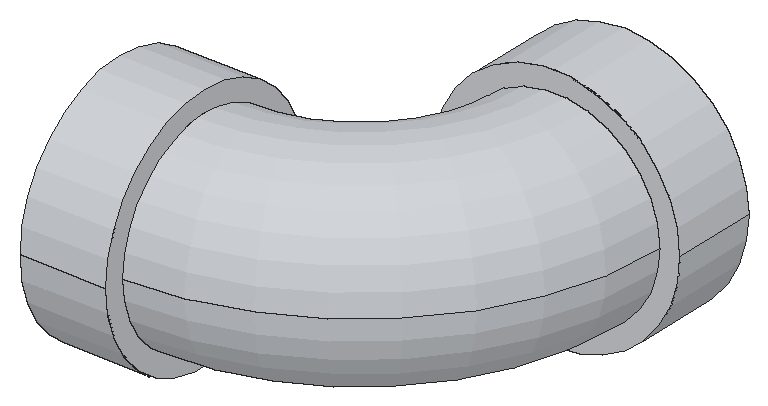
Revit family "85361ec159a740c2be155d1ddd75730a", category Pipe Fittings, Revit 2021
Family settings
  Round Connector Dimension = Use Radius
  Part Type = Elbow
  OmniClass Number = 23.60.30.11.14
  OmniClass Title = Pipework Fittings
  Seek Item ID = Bend - PVC - Sch 40 - DWV-0000-USA-ENU
  Work Plane-Based = No
  Always vertical = Yes
  Cut with Voids When Loaded = No
  Shared = No
Parameters (values of type "Standard")
  Wall Thickness [instance] = size_lookup(Lookup Table Name, "WThk", 0.02 * Nominal Diameter + 33/256", Nominal Diameter)  # 0.156"
  Tick Size [instance] = Fitting Outside Diameter * 0.4  # 0.664"
  Socket Outside Radius [instance] = Socket Outside Diameter / 2  # 0.9935"
  Socket Outside Diameter [instance] = Socket Entrance Diameter + Wall Thickness * 2  # 1.987"
  Socket Entrance Diameter [instance] = size_lookup(Lookup Table Name, "SED", 1.04 * Nominal Diameter + 95/256", Nominal Diameter)  # 1.675"
  Socket Depth [instance] = size_lookup(Lookup Table Name, "SDpt", 0.5 * Nominal Diameter, Nominal Diameter)  # 0.687"
  Nominal Radius [instance] = 5/8"
  Nominal Diameter [instance] = Nominal Radius * 2  # 1 1/4"
  Loss Method = Not Defined
  Lookup Table Name = "Bend - PVC - Sch 40 - DWV"
  Length 2 [instance] = (Center to Socket Bottom Label + Socket Depth) * sin(Angle)  # 2 1/4"
  Length 1 [instance] = Center to Socket Bottom Label * (1 + cos(Angle)) + Socket Depth * cos(Angle)  # 1.563"
  Fitting Outside Radius [instance] = Fitting Outside Diameter / 2  # 0.83"
  Fitting Outside Diameter [instance] = size_lookup(Lookup Table Name, "FOD", 1.04 * Nominal Diameter + 23/64", Nominal Diameter)  # 1.66"
  Default Elevation = 0' - 0"
  Center to Socket Bottom Not Found [instance] = if(Angle 1 = 90.00°, 0.66 * Nominal Diameter + 119/128", if(Angle 1 = 60.00°, 0.41 * Nominal Diameter + 55/128", if(Angle 1 = 45.00°, 0.42 * Nominal Diameter + 69/128", 0.21 * Nominal Diameter + 51/256")))  # 1.75469"
  Center to Socket Bottom Label [instance] = if(Fitting Outside Radius * tan(Angle / 2) > Center to Socket Bottom, Fitting Outside Radius * tan(Angle / 2) + 1/32", Center to Socket Bottom)  # 1.563"
  Center to Socket Bottom [instance] = size_lookup(Lookup Table Name, "CtSB", Center to Socket Bottom Not Found, Nominal Diameter, Angle 1)  # 1.563"
  Center Radius [instance] = Center to Socket Bottom Label / tan(Angle / 2)  # 1.563"
  Angle 1 [instance] = if(or(Angle < 22.50°, Angle = 22.50°), 22.50°, if(or(Angle < 45.00°, Angle = 45.00°), 45.00°, if(or(Angle < 60.00°, Angle = 60.00°), 60.00°, 90.00°)))  # 90.00°
  Angle [instance] = 90.00°
Reference planes (in)
  plane 1 "Center (Front/Back)": y = 0
  plane 2: z = 0
  plane 3 "Center (Left/Right)": x = 0
  plane 4: x = -1.563
  plane 5: y = 1.563
  plane 6: x = 0
  plane 7: y = 2.25
  plane 8: x = -2.25
Forms (in)
  Sweep 1, solid, detail levels fine
    path in 3D
      loop
        arc (-1.563, 0, 0) -> (-0.45779, 0.45779, 0) -> (0, 1.563, 0) r 1.563
    profile origin (-0.45779, 0.45779, 0) x (-0.707107, 0.707107, 0) y (0, 0, 1)
      loop
        circle (0, 0) r 0.83
  Sweep 2, solid, detail levels fine
    path in 3D
      loop
        line (-2.25, 0, 0) -> (-1.563, 0, 0)
    profile origin (-1.9065, 0, 0) x (0, 1, 0) y (0, 0, 1)
      loop
        circle (0, 0) r 0.9935
  Sweep 3, solid, detail levels fine
    path in 3D
      loop
        line (0, 1.563, 0) -> (0, 2.25, 0)
    profile origin (0, 1.9065, 0) x (-1, 0, 0) y (0, 0, 1)
      loop
        circle (0, 0) r 0.9935
Cuts and joins
  joined: Sweep 1, Sweep 2, Sweep 3
Lines and regions (in)
  model lines, detail levels coarse+medium
    curve 1: arc (-1.563, 0, 0) -> (-0.45779, 0.45779, 0) -> (0, 1.563, 0) r 1.563
    curve 2: line (0, 1.563, 0) -> (0, 2.25, 0)
    curve 3: line (-2.25, 0, 0) -> (-1.563, 0, 0)
    curve 9: line (0, 2.25, 0) -> (-0.664, 2.25, 0)
    curve 10: line (0, 2.25, 0) -> (0.664, 2.25, 0)
    curve 11: line (-2.25, 0.664, 0) -> (-2.25, 0, 0)
    curve 12: line (-2.25, 0, 0) -> (-2.25, -0.664, 0)
  sketch lines
    curve 4: arc (-1.563, 0, 0) -> (-0.45779, 0.45779, 0) -> (0, 1.563, 0) r 1.563
    curve 5: line (-2.25, 0, 0) -> (-1.563, 0, 0)
    curve 6: line (0, 1.563, 0) -> (0, 2.25, 0)
  reference lines
    curve 7: line (0, 2.25, 0) -> (0, 1.563, 0)
    curve 8: line (-2.25, 0, 0) -> (-1.563, 0, 0)
Dimensions and locks (in)
  "Center to Socket Bottom Label": plane 4 to plane 3 "Center (Left/Right)"
  "Center Radius": plane 5 to plane 1 "Center (Front/Back)"
  "Length 1": plane 4 to plane 6
  "Length 2": plane 7 to plane 1 "Center (Front/Back)"
  "Socket Depth": curve 2 to curve 2
  "Socket Depth": plane 8 to plane 4
  "Tick Size": curve 9 to curve 9
  "Tick Size": curve 10 to curve 10
  "Tick Size": curve 11 to curve 11
  "Tick Size": curve 12 to curve 12
  "Fitting Outside Radius": radius of Sweep 1 sketch curve
  "Socket Outside Radius": radius of Sweep 2 sketch curve
  "Socket Outside Radius": radius of Sweep 3 sketch curve
  "Center Radius": radius of curve 1
  "Angle": angle curve 1 to curve 1
  "Angle": angle plane 1 "Center (Front/Back)" to curve 2
  "Angle": angle plane 1 "Center (Front/Back)" to curve 7
  "Angle": angle plane 6 to curve 9
  "Angle": angle plane 6 to curve 10
  aligned and locked: plane 1 "Center (Front/Back)" to curve 1
  aligned and locked: plane 1 "Center (Front/Back)" to curve 3
  aligned and locked: plane 6 to curve 7
  aligned and locked: plane 7 to curve 7
  aligned and locked: plane 8 to curve 8
  aligned and locked: plane 1 "Center (Front/Back)" to curve 8
  aligned and locked: plane 6 to curve 9
  aligned and locked: curve 11 to plane 8
  aligned and locked: curve 12 to plane 8
Automatic sketch dimensions
  Sweep 1 sketch curve to profile plane = 0' - 0"
  profile plane to Sweep 1 sketch curve = 0' - 0"
  Sweep 2 sketch curve to profile plane = 0' - 0"  (x2)
  Sweep 3 sketch curve to profile plane = 0' - 0"  (x2)
  curve 8 to plane 4 = 0' - 0"
Connectors (in)
  piping at (-2.25, 0, 0), diameter 1.25, driven by "Angle", driven by "Nominal Radius"
    settings: on cut or joined group of Sweep 1, Sweep 2, Sweep 3, index 1, connector inside diameter 1 1/4", connector length 0' - 0", flow factor 0, pipe flow 0 GPM, pressure drop 0.00 psi, fitting loss kfactor 0, connector angle 90.00°, fixture units 0, engagement length 0' - 0", angle of deflection 0.00°, flow configuration 0, flow direction 0, fitting loss method 0, system type 28, joint type 0, gender type 0, connector reference index 2, connector utility 0, adjustable connector no, is connector primary yes, connector description ""
  piping at (0, 2.25, 0), diameter 1.25, driven by "Angle", driven by "Nominal Radius"
    settings: on cut or joined group of Sweep 1, Sweep 2, Sweep 3, index 2, connector inside diameter 1 1/4", connector length 0' - 0", flow factor 0, pipe flow 0 GPM, pressure drop 0.00 psi, fitting loss kfactor 0, connector angle 90.00°, fixture units 0, engagement length 0' - 0", angle of deflection 0.00°, flow configuration 0, flow direction 0, fitting loss method 0, system type 28, joint type 0, gender type 0, connector reference index 1, connector utility 0, adjustable connector no, is connector primary no, connector description ""
